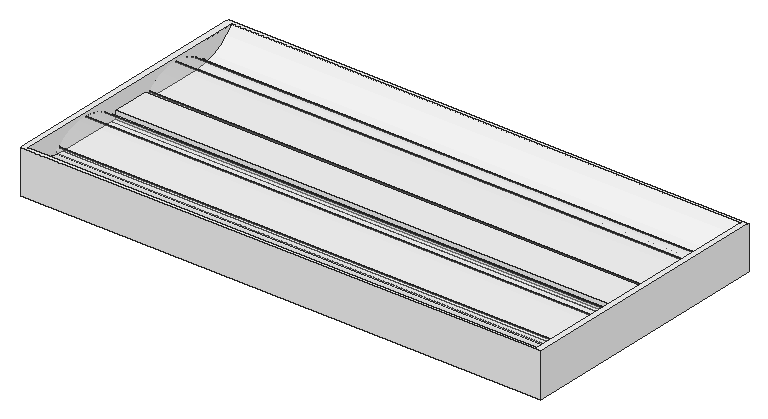
Revit family "TCAT22_and_24-G", category Lighting Fixtures, host Face, Revit 2021
Family settings
  Host = Face
  Round Connector Dimension = Use Diameter
  Part Type = Normal
  OmniClass Number = 23.80.70.11
  OmniClass Title = Luminaries for Internal Lighting
  Cut with Voids When Loaded = No
  Light Source = Yes
  Shared = No
  Room Calculation Point = No
Parameters (values of type "TCAT24")
  zz Length = Row Length - 1.000"  # 47.000"
  Width = 24.000"
  Watts = 69 W
  Wattage = 69 W
  Warranty = "Five-year warranty"  # constant formula
  built-in parameter 1150110 = 1 (stored number, unit not read)
  Voltage = 120 V
  Wattage Comments = "19-69 W"
  URL = "https://www.currentlighting.com/columbia"
  built-in parameter 1114217 = 1 (stored number, unit not read)
  Tilt Angle = -90.00°
  built-in parameter 1150109 = 1 (stored number, unit not read)
  built-in parameter 1150134 = (empty or 0)
  built-in parameter 1150113 = 1 (stored number, unit not read)
  Product Page URL = ""
  Product Documentation Link = ""
  Photometric Web File = "TCAT24-30HLx-EDU.ies"
  Model = "TCAT24"
  Manufacturer = "Columbia Lighting"  # constant formula
  Row Length = 48.000"
  built-in parameter 1150105 = 815.62 (stored number, unit not read)
  Lumens = 10249.4 lm
  built-in parameter 1150115 = 1 (stored number, unit not read)
  Load Classification = Lighting
  built-in parameter 1150137 = (empty or 0)
  built-in parameter 1150139 = (empty or 0)
  built-in parameter 1150112 = 1 (stored number, unit not read)
  built-in parameter 1150114 = 1 (stored number, unit not read)
  Lamp = "LED lamp"  # constant formula
  Light Bulb = White Glass
  built-in parameter 1150132 = (empty or 0)
  built-in parameter 1150102 = (empty or 0)
  built-in parameter 1150107 = 3000 (stored number, unit not read)
  built-in parameter 1150138 = (empty or 0)
  built-in parameter 1150106 = 8.1562 (stored number, unit not read)
  Emit from Rectangle Width = 3.000"
  Emit from Rectangle Length = 46.800"
  Emit Shape Visible in Rendering = no
  built-in parameter 1150104 = 13.8 (stored number, unit not read)
  Dimming Lamp Color Temperature Shift = <None>
  Description = "LED Twin Contemporary Architectural Troffer"  # constant formula
  Default Elevation = 48.000"
  Color Filter = 16777215
  Certifications = "UL1598, 2108 & CSA"  # constant formula
  built-in parameter 1114218 = 1 (stored number, unit not read)
  Backbox = White
  built-in parameter 1150133 = 10 (stored number, unit not read)
  Apparent Load = 0 VA
Types (3): name | zz Length | Watts | Wattage Comments | URL | Model | Row Length | Emit from Rectangle Length
  (no name) | 47.000" | 69 W | "19-69 W" | "https://www.currentlighting.com/columbia" | "TCAT24" | 48.000" | 46.800"
  TCAT24 | 47.000" | 69 W | "19-69 W" | "https://www.currentlighting.com/columbia" | "TCAT24" | 48.000" | 46.800"
  TCAT22 | 23.000" | 37 W | "12-37 W" | "http://www.columbialighting.com/" | "TCAT22" | 24.000" | 22.800"
Reference planes (in)
  plane 1 "Center (Front/Back)": y = 0.03999
  plane 2: z = 0
  plane 3 "Center (Left/Right)": x = 1.66944
  plane 4: x = -22.33056
  plane 5: x = 25.66944
  plane 6: z = -4
  plane 7: y = -11.96001
  plane 8: y = 12.03999
Forms (in)
  Extrusion 1, void
    sketch origin (0, 0.03999, 0) x (1, 0, 0) y (0, 0, 1)
      loop
        line (-22.33056, 0) -> (-22.33056, -4) -> (25.66944, -4) -> (25.66944, 0) -> (-22.33056, 0)
    from -12 to 12
Dimensions and locks (in)
  equal spacing: plane 5, plane 3 "Center (Left/Right)", plane 4
  "Row Length": plane 5 to plane 4
  equal spacing: plane 7, plane 1 "Center (Front/Back)", plane 8
  "Width": plane 7 to plane 8
  aligned and locked: plane 2 to host face
  aligned and locked: level to host face
  aligned and locked: Extrusion 1 sketch curve to level
  aligned and locked: plane 4 to Extrusion 1 sketch curve
  aligned and locked: Extrusion 1 sketch curve to plane 5
  aligned and locked: plane 6 to Extrusion 1 sketch curve
  aligned and locked: Extrusion 1 to plane 8
  aligned and locked: Extrusion 1 to plane 7
  aligned and locked: imposter light to nested 1
  aligned and locked: plane 3 "Center (Left/Right)" to imposter light
  aligned and locked: imposter light to plane 1 "Center (Front/Back)"
  aligned and locked: plane 3 "Center (Left/Right)" to nested 1
  aligned and locked: plane 1 "Center (Front/Back)" to nested 1
Automatic sketch dimensions
  host sketch curve to host sketch curve = 96.000"  (x2)
Nested families (in)
  nested 1: "LED Contemporary Architectural Troffer" at (1.66944, 0.03999, -4), Glass <- "Light Bulb", Finish <- "Backbox", Width <- "Width", Row Length <- "Row Length", type "LED Contemporary Architectural Troffer"
    with Width 24.000", Row Length 48.000", Height 4.000", Glass White Glass, Finish White
Connectors (in)
  electrical at (1.66944, 0.03999, -4), driven by "Voltage", driven by "Load Classification", driven by "Apparent Load"
    settings: on nested 1, index 1, voltage 120 V, apparent load 0 VA, apparent load phase1 0 VA, apparent load phase2 0 VA, apparent load phase3 0 VA, power factor 1, load classification "Lighting", number of poles 1, system type 30, power factor state 1, is connector primary yes, connector utility no, sub classification motor no, connector description "Lighting Connector"
Definition of nested family "LED Contemporary Architectural Troffer"
  Parameters
    Width [instance] = 24.000"
    Row Length [instance] = 24.000"
    Height [instance] = 4.000"
    Glass [instance] = none
    Finish [instance] = none
    Default Elevation = 48.000"
  Reference planes (in)
    plane 1 "Center (Front/Back)": y = 0
    plane 2: z = 0
    plane 3 "Center (Left/Right)": x = 0
    plane 4: x = 12
    plane 5: x = -12
    plane 6: y = -12
    plane 7: y = 12
    plane 8: z = 4
    plane 9: x = -11.5
    plane 10: x = 11.5
    plane 11: y = -3
    plane 12: y = 3
    plane 13: z = 2
    plane 14: y = -11.75
    plane 15: y = 11.75
    plane 16: z = 0.25
  Forms (in)
    Extrusion 1, solid
      sketch origin (0, 0, 0) x (1, 0, 0) y (0, 1, 0)
        loop
          line (-48, 48) -> (-48, -48) -> (48, -48) -> (48, 48) -> (-48, 48)
      from 0 to -12
    Extrusion 2, solid, material <- "Glass"
      sketch origin (0, 0, 0) x (0, 1, 0) y (0, 0, 1)
        loop
          arc (2.2, 2) -> (1.95, 2.25) -> (2.2, 2.5) r 0.25
          arc (2.2, 2.5) -> (3.58307, 3.40315) -> (5.2054, 3.71395) r 4.27102
          arc (5.2054, 3.71395) -> (6.82773, 3.40315) -> (8.2108, 2.5) r 4.27102
          arc (8.2108, 2.5) -> (8.4608, 2.25) -> (8.2108, 2) r 0.25
          line (8.2108, 2) -> (8.2108, 1.89823)
          arc (8.2108, 1.89823) -> (8.56159, 2.24902) -> (8.2108, 2.59982) r 0.35079
          arc (8.2108, 2.59982) -> (6.8238, 3.48995) -> (5.2054, 3.80122) r 4.35698
          arc (5.2054, 3.80122) -> (3.587, 3.48995) -> (2.2, 2.59982) r 4.35698
          arc (2.2, 2.59982) -> (1.84921, 2.24902) -> (2.2, 1.89823) r 0.35079
          line (2.2, 1.89823) -> (2.2, 2)
        loop
          line (-2.2, 2) -> (-2.2, 1.89823)
          arc (-2.2, 1.89823) -> (-1.84921, 2.24902) -> (-2.2, 2.59982) r 0.35079
          arc (-2.2, 2.59982) -> (-3.587, 3.48995) -> (-5.2054, 3.80122) r 4.35698
          arc (-5.2054, 3.80122) -> (-6.8238, 3.48995) -> (-8.2108, 2.59982) r 4.35698
          arc (-8.2108, 2.59982) -> (-8.56159, 2.24902) -> (-8.2108, 1.89823) r 0.35079
          line (-8.2108, 1.89823) -> (-8.2108, 2)
          arc (-8.2108, 2) -> (-8.4608, 2.25) -> (-8.2108, 2.5) r 0.25
          arc (-8.2108, 2.5) -> (-6.82773, 3.40315) -> (-5.2054, 3.71395) r 4.27102
          arc (-5.2054, 3.71395) -> (-3.58307, 3.40315) -> (-2.2, 2.5) r 4.27102
          arc (-2.2, 2.5) -> (-1.95, 2.25) -> (-2.2, 2) r 0.25
      from -11.5 to 11.5
    Extrusion 3, solid, material <- "Finish"
      sketch origin (0, 0, 0) x (0, 1, 0) y (0, 0, 1)
        loop
          line (-12, 4) -> (-12, 0) -> (12, 0) -> (12, 4) -> (-12, 4)
      from 11.5 to 12
    Extrusion 4, solid, material <- "Finish"
      sketch origin (0, 0, 0) x (0, 1, 0) y (0, 0, 1)
        loop
          line (12, 4) -> (-12, 4) -> (-12, 0) -> (12, 0) -> (12, 4)
      from -12 to -11.5
    Extrusion 5, solid, material <- "Finish"
      sketch origin (0, 0, 0) x (0, 1, 0) y (0, 0, 1)
        loop
          line (-12, 0) -> (12, 0) -> (12, 4) -> (11.75, 4) -> (11.75, 0.25) -> (-11.75, 0.25) -> (-11.75, 4) -> (-12, 4) -> (-12, 0)
      from -11.5 to 11.5
    Extrusion 6, solid, material <- "Finish"
      sketch origin (0, 0, 0) x (0, 1, 0) y (0, 0, 1)
        loop
          arc (-7.77803, 2) -> (-10.00157, 2.52822) -> (-11.75, 4) r 4.94414
          line (-11.75, 4) -> (-11.75, 0.25) -> (11.75, 0.25) -> (11.75, 4)
          arc (11.75, 4) -> (10.01391, 2.5285) -> (7.80032, 2) r 4.9
          line (7.80032, 2) -> (-7.77803, 2)
      from -12 to 12
    Extrusion 7, solid, material <- "Finish"
      sketch origin (0, 0, 0) x (0, 1, 0) y (0, 0, 1)
        loop
          line (-1.75, 2) -> (1.75, 2) -> (1.75, 2.75) -> (-1.75, 2.75) -> (-1.75, 2)
      from -11.5 to 11.5
  Cuts and joins
    joined: Extrusion 3, Extrusion 4, Extrusion 5, Extrusion 6
  Dimensions and locks (in)
    equal spacing: plane 4, plane 3 "Center (Left/Right)", plane 5
    "Row Length": plane 4 to plane 5
    equal spacing: plane 6, plane 1 "Center (Front/Back)", plane 7
    "Width": plane 6 to plane 7
    "Height": plane 8 to plane 2
    equal spacing: plane 10, plane 3 "Center (Left/Right)", plane 9
    locked: plane 9 to plane 5 at 0.5
    equal spacing: plane 11, plane 1 "Center (Front/Back)", plane 12
    locked: plane 11 to plane 1 "Center (Front/Back)" at 3
    locked: plane 6 to plane 14 at 0.25
    equal spacing: plane 14, plane 1 "Center (Front/Back)", plane 15
    locked: plane 16 to level at 0.25
    level to Extrusion 5 = 4.000"
    aligned and locked: plane 2 to Extrusion 1
    aligned and locked: level to Extrusion 1
    aligned and locked: Extrusion 2 to plane 10
    aligned and locked: Extrusion 2 to plane 9
    aligned and locked: plane 8 to Extrusion 3 sketch curve
    aligned and locked: plane 6 to Extrusion 3 sketch curve
    aligned and locked: level to Extrusion 3 sketch curve
    aligned and locked: Extrusion 3 sketch curve to plane 7
    aligned and locked: plane 4 to Extrusion 3
    aligned and locked: plane 10 to Extrusion 3
    aligned and locked: Extrusion 4 sketch curve to Extrusion 3  (x4)
    aligned and locked: Extrusion 4 to plane 5
    aligned and locked: plane 9 to Extrusion 4
    aligned and locked: Extrusion 5 sketch curve to Extrusion 3  (x4)
    aligned and locked: plane 8 to Extrusion 5 sketch curve
    aligned and locked: Extrusion 5 sketch curve to plane 14
    aligned and locked: plane 16 to Extrusion 5 sketch curve
    aligned and locked: Extrusion 5 sketch curve to plane 15
    aligned and locked: Extrusion 5 to plane 10
    aligned and locked: Extrusion 5 to plane 9
    aligned and locked: plane 13 to Extrusion 6 sketch curve
    aligned and locked: Extrusion 6 sketch curve to plane 14
    aligned and locked: plane 16 to Extrusion 6 sketch curve
    aligned and locked: Extrusion 6 sketch curve to plane 15
    aligned and locked: plane 4 to Extrusion 6
    aligned and locked: Extrusion 6 to plane 5
    aligned and locked: plane 13 to Extrusion 7 sketch curve
    aligned and locked: Extrusion 7 to plane 10
    aligned and locked: Extrusion 7 to plane 9
  Automatic sketch dimensions
    Extrusion 1 sketch curve to Extrusion 1 sketch curve = 96.000"  (x2)
    plane 8 to Extrusion 6 sketch curve = 0.000"  (x2)
    Extrusion 6 sketch curve to Extrusion 6 sketch curve = 3.94968"
    Extrusion 6 sketch curve to Extrusion 6 sketch curve = 3.97197"
    plane 13 to Extrusion 2 sketch curve = 0.000"  (x4)
    plane 11 to Extrusion 2 sketch curve = 0.800"
    plane 12 to Extrusion 2 sketch curve = 0.800"
    Extrusion 2 sketch curve to level = 0.55701"  (x2)
    Extrusion 2 sketch curve to plane 11 = 2.18267"
    Extrusion 2 sketch curve to Extrusion 2 sketch curve = 0.0216"  (x4)
    plane 8 to Extrusion 2 sketch curve = 0.28605"
    Extrusion 2 sketch curve to plane 11 = 2.2054"
    Extrusion 2 sketch curve to Extrusion 2 sketch curve = 0.000"  (x5)
    Extrusion 2 sketch curve to Extrusion 2 sketch curve = 0.00226"  (x2)
    Extrusion 2 sketch curve to plane 13 = 0.250"
    Extrusion 2 sketch curve to Extrusion 2 sketch curve = 3.0054"
    Extrusion 2 sketch curve to plane 12 = 2.18267"
    plane 8 to Extrusion 2 sketch curve = 0.19878"
    Extrusion 2 sketch curve to plane 12 = 2.2054"
    Extrusion 2 sketch curve to plane 13 = 0.500"
    plane 15 to Extrusion 2 sketch curve = 3.5392"
    Extrusion 2 sketch curve to Extrusion 2 sketch curve = 0.00126"  (x2)
    plane 13 to Extrusion 2 sketch curve = 0.10177"  (x4)
    Extrusion 2 sketch curve to Extrusion 2 sketch curve = 0.00098"
    plane 11 to Extrusion 7 sketch curve = 1.250"
    plane 12 to Extrusion 7 sketch curve = 1.250"
    Extrusion 7 sketch curve to Extrusion 7 sketch curve = 0.750"
